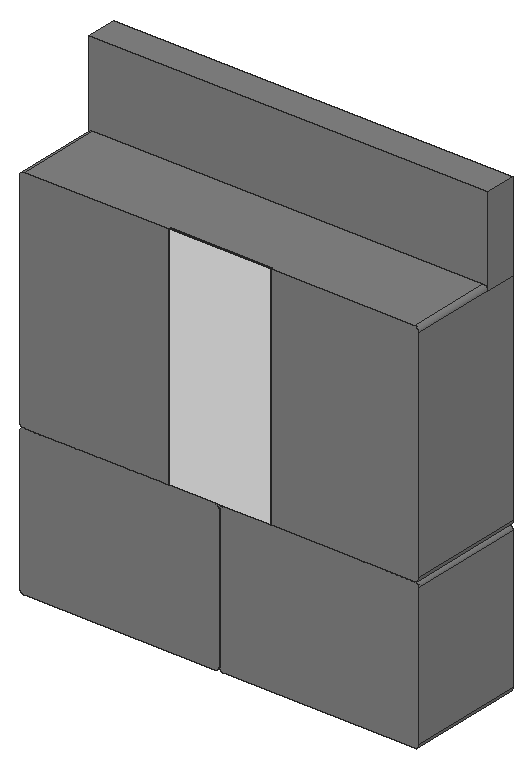
Revit family "Evoflat 4.0F_RFA_2", category Mechanical Equipment, Revit 2019
Family settings
  Round Connector Dimension = Use Diameter
  Classification = None
  Part Type = Normal
  OmniClass Number = 23.75.65.11.11
  OmniClass Title = Heating Controllers
  Work Plane-Based = No
  Always vertical = Yes
  Cut with Voids When Loaded = No
  Shared = No
  Room Calculation Point = No
Parameters (values of type "Evoflat 4.0F_Type 1_Cu_183B1000")
  Weight = 9.30 kg  # constant formula
  W1 = 44 mm
  W = 155 mm
  Voltage = 230 V
  URL = "https://store.danfoss.com/en/Climate-Solutions-for-heating/Stations/Direct-heating-and-domestic-hot-water/c/4055?q=%3Arelevance%3Adanfoss_producttypehierarchydesc%3AEvoFlat+4.0F&text="
  Type Image = <None>
  Type Comments = ""
  Top [instance] = if(or(Clearance Zone Visibility, Clearance Zone Top Visibility), 1 = 1, 1 = 0)  # no
  Right [instance] = if(or(Clearance Zone Visibility, Clearance Zone Right Visibility), 1 = 1, 1 = 0)  # no
  Pressure Drop (HE) [instance] = 0.0 Pa
  Pressure Drop (DHW) [instance] = 0.0 Pa
  Pressure Drop (DH) [instance] = 0.0 Pa
  Pressure Drop (DCW) [instance] = 0.0 Pa
  Power [instance] = 0 VA
  Nut size = 30 mm
  Nominal Pressure = "PN 10"  # constant formula
  Model Type = "Evoflat 4.0F_Type 1_Cu"
  Model (France) = "183B1008"
  Model (Austria) = "183B1004"
  Model = "183B1000"
  Max Supply Temperature = "95 °C"  # constant formula
  Manufacturer = "Danfoss"  # constant formula
  Left [instance] = if(or(Clearance Zone Visibility, Clearance Zone Left Visibility), 1 = 1, 1 = 0)  # no
  LOD 350 = not(LOD 200)  # yes
  LOD 200 = no
  L1a = 44 mm
  L1 = 96 mm
  L = 530 mm
  Insulation Material = Danfoss EPP insulation
  IfcExportType = "EvoFlat 4.0 F"  # constant formula
  IfcExportAs = "IfcFlowController"  # constant formula
  Heating Total Pressure Loss Primary = "25 kPa"  # constant formula
  Heating Flow Rate Supply = "600 l/h"  # constant formula
  Heating Circuit dT = "25 °C"  # constant formula
  Heating Capacity = 17.5 kW  # constant formula
  HEX material = Danfoss Copper
  H3 = 111 mm
  H2 = 8 mm
  H1 = 10 mm
  H = 613 mm
  Front [instance] = if(or(Clearance Zone Visibility, Clearance Zone Front Visibility), 1 = 1, 1 = 0)  # no
  Flow (HE) [instance] = 0.0 L/s
  Flow (DHW) [instance] = 0.0 L/s
  Flow (DH) [instance] = 0.0 L/s
  Flow (DCW) [instance] = 0.0 L/s
  Description = "Flat Station"  # constant formula
  DHW capacity = 43 kW
  DHW Temperature DHS/DHR = "65/16 °C"
  DHW Tap Load 50°C = "15.4 l/min"
  DHW Pressure Loss Primary = "32 kPa"
  DHW Flow Rate Primary = "750 l/h"
  D = 20 mm
  Connection = "G 3/4 Internal Thread"  # constant formula
  Clearance Zone Visibility [instance] = no
  Clearance Zone Top Visibility [instance] = no
  Clearance Zone Top [instance] = 25 mm
  Clearance Zone Right Visibility [instance] = no
  Clearance Zone Right [instance] = 50 mm
  Clearance Zone Left Visibility [instance] = no
  Clearance Zone Left [instance] = 50 mm
  Clearance Zone Front Visibility [instance] = no
  Clearance Zone Front [instance] = 150 mm
  Clearance Zone Bottom Visibility [instance] = no
  Clearance Zone Bottom [instance] = 25 mm
  Bottom [instance] = if(or(Clearance Zone Visibility, Clearance Zone Bottom Visibility), 1 = 1, 1 = 0)  # no
  Assembly Code = ""
Types (8, lengths in mm): name | Model Type | Model (France) | Model (Austria) | Model | HEX material | DHW capacity | DHW Temperature DHS/DHR | DHW Tap Load 50°C | DHW Pressure Loss Primary | DHW Flow Rate Primary
  Evoflat 4.0F_Type 1_Cu_183B1000 | "Evoflat 4.0F_Type 1_Cu" | "183B1008" | "183B1004" | "183B1000" | Danfoss Copper | 43 kW | "65/16 °C" | "15.4 l/min" | "32 kPa" | "750 l/h"
  Evoflat 4.0F_Type 3_Cu_183B1002 | "Evoflat 4.0F_Type 3_Cu" | "183B1010" | "183B1006" | "183B1002" | Danfoss Copper | 55 kW | "65/15 °C" | "19.8 l/min" | "40 kPa" | "943 l/h"
  Evoflat 4.0F_Type 2_Cu_183B1001 | "Evoflat 4.0F_Type 2_Cu" | "183B1009" | "183B1005" | "183B1001" | Danfoss Copper | 49 kW | "65/15 °C" | "17.6 l/min" | "35 kPa" | "844 l/h"
  Evoflat 4.0F_Type 4_Cu_183B1003 | "Evoflat 4.0F_Type 4_Cu" | "183B1011" | "183B1007" | "183B1003" | Danfoss Copper | 70 kW | "65/14 °C" | "25.2 l/min" | "57 kPa" | "1197 l/h"
  Evoflat 4.0F_Type 1_Sts_183B1500 | "Evoflat 4.0F_Type 1_Sts" | "183B1508" | "183B1504" | "183B1500" | Danfoss Stainless Steel | 43 kW | "65/16 °C" | "15.4 l/min" | "32 kPa" | "750 l/h"
  Evoflat 4.0F_Type 2_Sts_183B1501 | "Evoflat 4.0F_Type 2_Sts" | "183B1509" | "183B1505" | "183B1501" | Danfoss Stainless Steel | 49 kW | "65/15 °C" | "17.6 l/min" | "35 kPa" | "844 l/h"
  Evoflat 4.0F_Type 3_Sts_183B1502 | "Evoflat 4.0F_Type 3_Sts" | "183B1510" | "183B1506" | "183B1502" | Danfoss Stainless Steel | 55 kW | "65/15 °C" | "19.8 l/min" | "40 kPa" | "943 l/h"
  Evoflat 4.0F_Type 4_Sts_183B1503 | "Evoflat 4.0F_Type 4_Sts" | "183B1511" | "183B1507" | "183B1503" | Danfoss Stainless Steel | 70 kW | "65/14 °C" | "25.2 l/min" | "57 kPa" | "1197 l/h"
Reference planes
  plane 1 "Center (Front/Back)": y = 0
  plane 2: z = 0
  plane 3 "Center (Left/Right)": x = 0
  plane 4: y = -44
  plane 5: x = -265
  plane 6: x = 265
  plane 7: z = 613
  plane 8: y = -155
  plane 9: z = 10
  plane 10: z = -8
  plane 11: z = 502
  plane 12: x = -169
  plane 13: x = 221
  plane 14: y = -41.5
  plane 15: z = 198
Forms (mm)
  Extrusion 1, solid, material "Danfoss EPP insulation", visible <- "LOD 200", detail levels fine
    sketch origin (0, 0, 0) x (1, 0, 0) y (0, 0, 1)
      loop
        line (-265, 502) -> (-265, 0) -> (265, 0) -> (265, 502) -> (-265, 502)
    from 0 to 155 <- "W"
  Extrusion 2, solid, material "Danfoss Brass", detail levels fine
    sketch origin (0, 0, 0) x (1, 0, 0) y (0, 1, 0)
      loop
        line (-169, -26.679) -> (-184, -35.34) -> (-184, -52.66) -> (-169, -61.321) -> (-154, -52.66) -> (-154, -35.34) -> (-169, -26.679)
    from -8 to 10
  Extrusion 3, solid, visible <- "Front"
    sketch origin (15, -155, 238.394) x (1, 0, 0) y (0, 0, 1)
      loop
        line (-280, 374.606) -> (-280, -238.394) -> (250, -238.394) -> (250, 374.606) -> (-280, 374.606)
    from 150 <- "Clearance Zone Front" to 0
  Extrusion 4, solid, visible <- "Right"
    sketch origin (0, 0, 0) x (1, 0, 0) y (0, 0, 1)
      loop
        line (265, 613) -> (265, 0) -> (315, 0) -> (315, 613) -> (265, 613)
    from 155 <- "W" to 0
  Extrusion 5, solid, visible <- "Left"
    sketch origin (0, 0, 0) x (1, 0, 0) y (0, 0, 1)
      loop
        line (-265, 613) -> (-315, 613) -> (-315, 0) -> (-265, 0) -> (-265, 613)
    from 155 <- "W" to 0
  Extrusion 6, solid, visible <- "Top"
    sketch origin (0, 0, 0) x (1, 0, 0) y (0, 0, 1)
      loop
        line (-265, 613) -> (265, 613) -> (265, 638) -> (-265, 638) -> (-265, 613)
    from 155 <- "W" to 0
  Extrusion 7, solid, visible <- "Bottom"
    sketch origin (0, 0, 0) x (1, 0, 0) y (0, 0, 1)
      loop
        line (-265, 0) -> (-265, -25) -> (265, -25) -> (265, 0) -> (-265, 0)
    from 155 <- "W" to 0
  Extrusion 8, solid, material "Danfoss Brass", detail levels fine
    sketch origin (390, 0, 0) x (1, 0, 0) y (0, 1, 0)
      loop
        line (-169, -26.679) -> (-184, -35.34) -> (-184, -52.66) -> (-169, -61.321) -> (-154, -52.66) -> (-154, -35.34) -> (-169, -26.679)
    from -8 to 10
  Extrusion 9, solid, material "Danfoss Brass", detail levels fine
    sketch origin (65, 0, 0) x (1, 0, 0) y (0, 1, 0)
      loop
        line (-169, -26.679) -> (-184, -35.34) -> (-184, -52.66) -> (-169, -61.321) -> (-154, -52.66) -> (-154, -35.34) -> (-169, -26.679)
    from -8 to 10
  Extrusion 10, solid, material "Danfoss Brass", detail levels fine
    sketch origin (130, 0, 0) x (1, 0, 0) y (0, 1, 0)
      loop
        line (-169, -26.679) -> (-184, -35.34) -> (-184, -52.66) -> (-169, -61.321) -> (-154, -52.66) -> (-154, -35.34) -> (-169, -26.679)
    from -8 to 10
  Extrusion 11, solid, material "Danfoss Brass", detail levels fine
    sketch origin (195, 0, 0) x (1, 0, 0) y (0, 1, 0)
      loop
        line (-169, -26.679) -> (-184, -35.34) -> (-184, -52.66) -> (-169, -61.321) -> (-154, -52.66) -> (-154, -35.34) -> (-169, -26.679)
    from -8 to 10
  Extrusion 12, solid, material "Danfoss Brass", detail levels fine
    sketch origin (260, 0, 0) x (1, 0, 0) y (0, 1, 0)
      loop
        line (-169, -26.679) -> (-184, -35.34) -> (-184, -52.66) -> (-169, -61.321) -> (-154, -52.66) -> (-154, -35.34) -> (-169, -26.679)
    from -8 to 10
  Extrusion 13, solid, material "Danfoss Brass", detail levels fine
    sketch origin (325, 0, 0) x (1, 0, 0) y (0, 1, 0)
      loop
        line (-169, -26.679) -> (-184, -35.34) -> (-184, -52.66) -> (-169, -61.321) -> (-154, -52.66) -> (-154, -35.34) -> (-169, -26.679)
    from -8 to 10
  Extrusion 14, solid, material "Danfoss EPP insulation" <- "Insulation Material", visible <- "LOD 350", detail levels fine
    sketch origin (0, 0, 0) x (1, 0, 0) y (0, 0, 1)
      loop
        arc (-259, 502) -> (-263.243, 500.243) -> (-265, 496) r 6
        line (-265, 496) -> (-265, 204)
        arc (-265, 204) -> (-263.243, 199.757) -> (-259, 198) r 6
        line (-259, 198) -> (259, 198)
        arc (259, 198) -> (263.243, 199.757) -> (265, 204) r 6
        line (265, 204) -> (265, 496)
        arc (265, 496) -> (263.243, 500.243) -> (259, 502) r 6
        line (259, 502) -> (-259, 502)
    from 155 to 0
  Extrusion 15, solid, material "Danfoss EPP insulation" <- "Insulation Material", visible <- "LOD 350", detail levels fine
    sketch origin (0, 0, 0) x (1, 0, 0) y (0, 0, 1)
      loop
        arc (-259, 198) -> (-263.243, 196.243) -> (-265, 192) r 6
        line (-265, 192) -> (-265, 6)
        arc (-265, 6) -> (-263.243, 1.757) -> (-259, 0) r 6
        line (-259, 0) -> (-6, 0)
        arc (-6, 0) -> (-1.757, 1.757) -> (0, 6) r 6
        line (0, 6) -> (0, 192)
        arc (0, 192) -> (-1.757, 196.243) -> (-6, 198) r 6
        line (-6, 198) -> (-259, 198)
    from 155 to 0
  Extrusion 16, solid, material "Danfoss EPP insulation" <- "Insulation Material", visible <- "LOD 350", detail levels fine
    sketch origin (0, 0, 0) x (1, 0, 0) y (0, 0, 1)
      loop
        arc (6, 198) -> (1.757, 196.243) -> (0, 192) r 6
        line (0, 192) -> (0, 6)
        arc (0, 6) -> (1.757, 1.757) -> (6, 0) r 6
        line (6, 0) -> (259, 0)
        arc (259, 0) -> (263.243, 1.757) -> (265, 6) r 6
        line (265, 6) -> (265, 192)
        arc (265, 192) -> (263.243, 196.243) -> (259, 198) r 6
        line (259, 198) -> (6, 198)
    from 155 to 0
  Extrusion 17, solid, material "Danfoss EPP insulation" <- "Insulation Material", detail levels fine
    sketch origin (0, 0, 0) x (0, 1, 0) y (0, 0, 1)
      loop
        line (-41.5, 613) -> (-41.5, 496) -> (0, 496) -> (0, 613) -> (-41.5, 613)
    from 265 to -265
  Extrusion 18, void
    sketch origin (0, 0, 0) x (1, 0, 0) y (0, 0, 1)
      loop
        line (-67.5, 198) -> (67.5, 198) -> (67.5, 502) -> (-67.5, 502) -> (-67.5, 198)
    from 155 to 152
  Extrusion 19, solid, material "Danfoss Plastic White", visible <- "LOD 350", detail levels fine
    sketch origin (0, 0, 0) x (1, 0, 0) y (0, 0, 1)
      loop
        line (-67.5, 502) -> (-67.5, 198) -> (67.5, 198) -> (67.5, 502) -> (-67.5, 502)
    from 155 to 152
  Extrusion 20, solid, detail levels coarse+medium
    sketch origin (0, 0, 0) x (1, 0, 0) y (0, 0, 1)
      loop
        line (-265, 613) -> (-265, -8) -> (265, -8) -> (265, 613) -> (-265, 613)
    from 155 to 0
Cuts and joins
  Extrusion 18 cuts Extrusion 3
  Extrusion 18 cuts Extrusion 14
  Extrusion 18 cuts Extrusion 15
  Extrusion 18 cuts Extrusion 16
  Extrusion 18 cuts Extrusion 17
Dimensions and locks
  "Clearance Zone Right": Extrusion 4 sketch curve to Extrusion 3
  "Clearance Zone Left": Extrusion 5 sketch curve to Extrusion 3
  "H": plane 7 to plane 2
  equal spacing: plane 6, plane 3 "Center (Left/Right)", plane 5
  "L": plane 6 to plane 5
  "W": plane 8 to plane 1 "Center (Front/Back)"
  "H1": plane 9 to level
  "H2": plane 2 to plane 10
  "W1": plane 4 to plane 1 "Center (Front/Back)"
  "H3": plane 7 to plane 11
  "L1": plane 5 to plane 12
  "Nut size": Extrusion 2 sketch curve to Extrusion 2 sketch curve  (x3)
  "L1a": plane 13 to plane 6
  "Nut size": Extrusion 8 sketch curve to Extrusion 8 sketch curve  (x3)
  equal spacing: group 1, group 3, group 4, group 5, group 6, group 7, group 2  (x3)
  "Nut size": Extrusion 9 sketch curve to Extrusion 9 sketch curve  (x3)
  "Nut size": Extrusion 10 sketch curve to Extrusion 10 sketch curve  (x3)
  "Nut size": Extrusion 11 sketch curve to Extrusion 11 sketch curve  (x3)
  "Nut size": Extrusion 12 sketch curve to Extrusion 12 sketch curve  (x3)
  "Nut size": Extrusion 13 sketch curve to Extrusion 13 sketch curve  (x3)
  locked: plane 14 to plane 1 "Center (Front/Back)" at 41.5
  locked: plane 15 to plane 2 at 198
  level to Extrusion 14 = 502 mm
  equal spacing: Extrusion 18 sketch curve, plane 3 "Center (Left/Right)", Extrusion 18 sketch curve
  Extrusion 18 sketch curve to Extrusion 18 sketch curve = 135 mm
  plane 11 to Extrusion 17 sketch curve = 6 mm
  "Clearance Zone Bottom": plane 2 to Extrusion 7 sketch curve
  "Clearance Zone Top": Extrusion 6 sketch curve to plane 7
  radius of Extrusion 14 sketch curve = 6 mm  (x4)
  radius of Extrusion 15 sketch curve = 6 mm  (x4)
  radius of Extrusion 16 sketch curve = 6 mm  (x4)
  angle Extrusion 2 sketch curve to Extrusion 2 sketch curve = 120.00°  (x3)
  angle Extrusion 8 sketch curve to Extrusion 8 sketch curve = 120.00°  (x3)
  angle Extrusion 9 sketch curve to Extrusion 9 sketch curve = 120.00°  (x3)
  angle Extrusion 10 sketch curve to Extrusion 10 sketch curve = 120.00°  (x3)
  angle Extrusion 11 sketch curve to Extrusion 11 sketch curve = 120.00°  (x3)
  angle Extrusion 12 sketch curve to Extrusion 12 sketch curve = 120.00°  (x3)
  angle Extrusion 13 sketch curve to Extrusion 13 sketch curve = 120.00°  (x3)
  aligned and locked: level to plane 2
  aligned and locked: Extrusion 3 sketch curve to Extrusion 1  (x2)
  aligned and locked: plane 2 to Extrusion 1 sketch curve
  aligned and locked: plane 5 to Extrusion 1 sketch curve
  aligned and locked: Extrusion 1 sketch curve to plane 6
  aligned and locked: plane 9 to Extrusion 2
  aligned and locked: Extrusion 2 to plane 10
  aligned and locked: plane 12 to Extrusion 2
  aligned and locked: plane 15 to Extrusion 14 sketch curve
  aligned and locked: Extrusion 14 sketch curve to plane 6
  aligned and locked: plane 8 to Extrusion 14
  aligned and locked: Extrusion 14 to plane 1 "Center (Front/Back)"
  aligned and locked: Extrusion 15 sketch curve to plane 15
  aligned and locked: plane 5 to Extrusion 15 sketch curve
  aligned and locked: Extrusion 15 sketch curve to plane 3 "Center (Left/Right)"
  aligned and locked: Extrusion 15 to plane 1 "Center (Front/Back)"
  aligned and locked: plane 8 to Extrusion 15
  aligned and locked: Extrusion 14 to Extrusion 16 sketch curve
  aligned and locked: plane 3 "Center (Left/Right)" to Extrusion 16 sketch curve
  aligned and locked: Extrusion 16 to plane 1 "Center (Front/Back)"
  aligned and locked: plane 8 to Extrusion 16
  aligned and locked: Extrusion 1 sketch curve to plane 11
  aligned and locked: Extrusion 17 sketch curve to plane 7
  aligned and locked: Extrusion 17 sketch curve to plane 14
  aligned and locked: Extrusion 17 sketch curve to Extrusion 1
  aligned and locked: Extrusion 17 to plane 5
  aligned and locked: plane 6 to Extrusion 17
  aligned and locked: Extrusion 18 sketch curve to plane 11
  aligned and locked: Extrusion 18 sketch curve to plane 15
  aligned and locked: Extrusion 19 sketch curve to cut or joined group of Extrusion 14, Extrusion 18
  aligned and locked: plane 8 to Extrusion 19
  aligned and locked: Extrusion 4 to Extrusion 18
  aligned and locked: Extrusion 3 sketch curve to plane 7
  aligned and locked: plane 2 to Extrusion 3 sketch curve
  aligned and locked: plane 2 to Extrusion 4 sketch curve
  aligned and locked: Extrusion 4 sketch curve to plane 7
  aligned and locked: plane 6 to Extrusion 4 sketch curve
  aligned and locked: Extrusion 5 sketch curve to plane 2
  aligned and locked: plane 7 to Extrusion 5 sketch curve
  aligned and locked: plane 5 to Extrusion 5 sketch curve
  aligned and locked: Extrusion 7 sketch curve to plane 2
  aligned and locked: plane 5 to Extrusion 7 sketch curve
  aligned and locked: Extrusion 7 sketch curve to plane 6
  aligned and locked: Extrusion 6 sketch curve to plane 7
  aligned and locked: Extrusion 6 sketch curve to plane 5
  aligned and locked: plane 6 to Extrusion 6 sketch curve
  aligned and locked: Extrusion 20 sketch curve to cut or joined group of Extrusion 17, Extrusion 18  (x2)
  aligned and locked: plane 10 to Extrusion 20 sketch curve
  aligned and locked: Extrusion 20 sketch curve to plane 6
  aligned and locked: Extrusion 20 to Extrusion 1
Automatic sketch dimensions
  Extrusion 2 sketch curve to Extrusion 2 sketch curve = 15 mm
  Extrusion 8 sketch curve to Extrusion 8 sketch curve = 15 mm
  Extrusion 9 sketch curve to Extrusion 9 sketch curve = 15 mm
  Extrusion 10 sketch curve to Extrusion 10 sketch curve = 15 mm
  Extrusion 11 sketch curve to Extrusion 11 sketch curve = 15 mm
  Extrusion 12 sketch curve to Extrusion 12 sketch curve = 15 mm
  Extrusion 13 sketch curve to Extrusion 13 sketch curve = 15 mm
  Extrusion 14 sketch curve to plane 5 = 0 mm
  Extrusion 14 sketch curve to plane 11 = 0 mm
  Extrusion 15 sketch curve to level = 0 mm
  Extrusion 16 sketch curve to level = 0 mm
  Extrusion 16 sketch curve to plane 6 = 0 mm
  Extrusion 19 sketch curve to plane 11 = 0 mm
  Extrusion 19 sketch curve to plane 3 "Center (Left/Right)" = 67.5 mm
  plane 3 "Center (Left/Right)" to Extrusion 19 sketch curve = 67.5 mm
Connectors
  piping at (-169, -44, -8), diameter 20, driven by "D", driven by "Flow (DCW)"
    settings: on Extrusion 2, index 1, connector inside diameter 609.6 mm, connector length 0 mm, flow factor 0, pipe flow 0.0 L/s, pressure drop 0.0 Pa, fitting loss kfactor 0, connector angle 0.00°, fixture units 0, engagement length 0 mm, angle of deflection 0.00°, flow configuration 0, flow direction 1, fitting loss method 0, system type 20, joint type 0, gender type 0, connector reference index -1, connector utility 0, adjustable connector no, is connector primary yes, connector description ""
  piping at (-104, -44, -8), diameter 20, driven by "D", driven by "Flow (DHW)"
    settings: on Extrusion 9, index 2, connector inside diameter 609.6 mm, connector length 0 mm, flow factor 0, pipe flow 0.0 L/s, pressure drop 0.0 Pa, fitting loss kfactor 0, connector angle 0.00°, fixture units 0, engagement length 0 mm, angle of deflection 0.00°, flow configuration 0, flow direction 2, fitting loss method 0, system type 19, joint type 0, gender type 0, connector reference index -1, connector utility 0, adjustable connector no, is connector primary no, connector description ""
  piping at (-39, -44, -8), diameter 20, driven by "D", driven by "Flow (DCW)"
    settings: on Extrusion 10, index 3, connector inside diameter 609.6 mm, connector length 0 mm, flow factor 0, pipe flow 0.0 L/s, pressure drop 0.0 Pa, fitting loss kfactor 0, connector angle 0.00°, fixture units 0, engagement length 0 mm, angle of deflection 0.00°, flow configuration 0, flow direction 2, fitting loss method 0, system type 20, joint type 0, gender type 0, connector reference index -1, connector utility 0, adjustable connector no, is connector primary no, connector description ""
  piping at (26, -44, -8), diameter 20, driven by "D", driven by "Flow (DH)"
    settings: on Extrusion 11, index 4, connector inside diameter 609.6 mm, connector length 0 mm, flow factor 0, pipe flow 0.0 L/s, pressure drop 0.0 Pa, fitting loss kfactor 0, connector angle 0.00°, fixture units 0, engagement length 0 mm, angle of deflection 0.00°, flow configuration 0, flow direction 1, fitting loss method 0, system type 7, joint type 0, gender type 0, connector reference index -1, connector utility 0, adjustable connector no, is connector primary no, connector description ""
  piping at (91, -44, -8), diameter 20, driven by "D", driven by "Flow (DH)"
    settings: on Extrusion 12, index 5, connector inside diameter 609.6 mm, connector length 0 mm, flow factor 0, pipe flow 0.0 L/s, pressure drop 0.0 Pa, fitting loss kfactor 0, connector angle 0.00°, fixture units 0, engagement length 0 mm, angle of deflection 0.00°, flow configuration 0, flow direction 2, fitting loss method 0, system type 8, joint type 0, gender type 0, connector reference index -1, connector utility 0, adjustable connector no, is connector primary no, connector description ""
  piping at (156, -44, -8), diameter 20, driven by "D", driven by "Flow (HE)"
    settings: on Extrusion 13, index 6, connector inside diameter 609.6 mm, connector length 0 mm, flow factor 0, pipe flow 0.0 L/s, pressure drop 0.0 Pa, fitting loss kfactor 0, connector angle 0.00°, fixture units 0, engagement length 0 mm, angle of deflection 0.00°, flow configuration 0, flow direction 2, fitting loss method 0, system type 7, joint type 0, gender type 0, connector reference index -1, connector utility 0, adjustable connector no, is connector primary no, connector description ""
  piping at (221, -44, -8), diameter 20, driven by "D", driven by "Flow (HE)"
    settings: on Extrusion 8, index 7, connector inside diameter 609.6 mm, connector length 0 mm, flow factor 0, pipe flow 0.0 L/s, pressure drop 0.0 Pa, fitting loss kfactor 0, connector angle 0.00°, fixture units 0, engagement length 0 mm, angle of deflection 0.00°, flow configuration 0, flow direction 1, fitting loss method 0, system type 8, joint type 0, gender type 0, connector reference index -1, connector utility 0, adjustable connector no, is connector primary no, connector description ""
  electrical at (0, 0, 0), driven by "Voltage", driven by "Power"
    settings: index 8, voltage 230 V, apparent load 0 VA, apparent load phase1 0 VA, apparent load phase2 0 VA, apparent load phase3 0 VA, power factor 0.95, load classification "HVAC", number of poles 1, system type 31, power factor state 1, is connector primary yes, connector utility no, sub classification motor no, connector description ""
